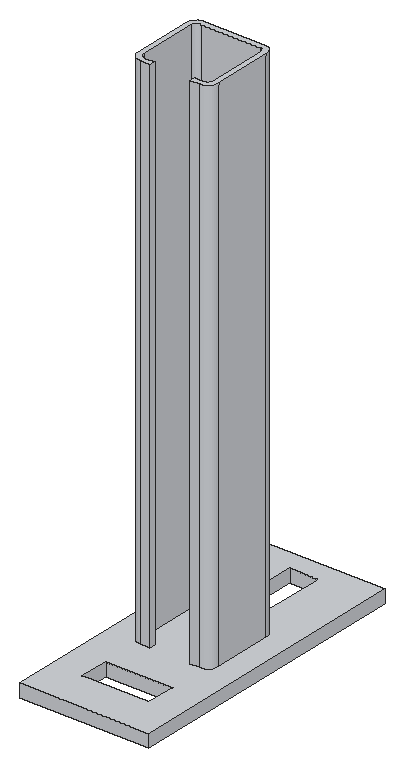
Revit family "HVAC_HangingSystems_Walraven_BIS_RapidRail_Cantilever_Arm_(BUP1000)_WM2", category Mechanical Equipment, Revit 2016
Family settings
  Part Type = Normal
  Round Connector Dimension = Use Diameter
  OmniClass Number = 23.60.30.11.17
  OmniClass Title = Pipework/Ductwork Mechanical Fasteners/Supports
  Work Plane-Based = Yes
  Always vertical = No
  Cut with Voids When Loaded = No
  Shared = No
  Room Calculation Point = No
Parameters (values of type "200mm")
  type_index = 1
  s2 [instance] = size_lookup(lookup_table_name, "s2", 0 mm, type_index)  # 2 mm
  s1 [instance] = size_lookup(lookup_table_name, "s1", 0 mm, type_index)  # 5 mm
  region_index = 1  # constant formula
  lookup_table_name = "BIS RapidRail Cantilever Arm (BUP1000) WM2"  # constant formula
  Youtube clip = ""
  Weight Net (Kg) = "0"
  Uniformat II Description = ""
  Uniformat II Code = ""
  Uniclass 2015 Name = ""
  Uniclass 2015 Code = ""
  Uniclass 2.0 Description = ""
  Uniclass 2.0 Code = ""
  Uniclass 1.4 Description = ""
  Uniclass 1.4 Code = ""
  UNSPSC Code = ""
  Technical description = "https://library.walraven.com/repository/rnd/documents/EN-UK/BIS%20RapidRail%C2%AE%20Cantilever%20Arm%20(BUP1000)%20-%20G%2010%2005%20(EN-UK).pdf"
  Region South America = "None"
  Region Oceania = "AU"
  Region North America = "US"
  Region Middle East = "AE, OM, QA, SA"
  Region Europe = "BE, CZ, DE, DK, ES, FR, GB, HR, HU, LT, LV, NL, NO, PL, RO, RU, SE, SK, UA"
  Region Asia = "CN, IN"
  Region Antarctica = "None"
  Region Africa = "ZA"
  RSen_C_level_of_development = "LOD400"  # constant formula
  QR code = "http://bimobject.com/walraven/product/bis-rapidrail-cantilever-arm-bup1000-wm2"
  Product url = "https://www.walraven.com/en/?pid=891"
  Product group = "Cantilever Arms and Sets"
  Product family = "Rail Systems"
  Product data url = "https://bimobject.com/walraven/product/bis-rapidrail-cantilever-arm-bup1000-wm2"
  Product certification = ""
  Product SKU = "bis-rapidrail-cantilever-arm-bup1000-wm2"
  Product Guid = "8b781bb7-c863-4edf-86f6-d141afa09032"
  OmniClass Description = "Mechanical Pipe Supports"
  OmniClass Code = "23-27 43 13"
  Nominal width = 0 mm
  Nominal height = 0 mm
  NBS Reference Description = ""
  NBS Reference Code = ""
  Material secondary = ""
  Material main = "Steel"
  Masterformat 2014 Description = ""
  Masterformat 2014 Code = ""
  Manufacturer name = "Walraven"
  Manufacturer country = "Netherlands"
  K [instance] = size_lookup(lookup_table_name, "K", 0 mm, type_index)  # 70 mm
  hd1 [instance] = size_lookup(lookup_table_name, "hd1", 0 mm, type_index)  # 11 mm
  S [instance] = size_lookup(lookup_table_name, "S", 0 mm, type_index)  # 15 mm
  bd1 [instance] = size_lookup(lookup_table_name, "bd1", 0 mm, type_index)  # 25 mm
  desc_uk [instance] = if(type_index = 1, "BIS RapidRail Cantilever Arm (BUP1000) WM2 (30x30mm) 200mm", if(type_index = 2, "BIS RapidRail Cantilever Arm (BUP1000) WM2 (30x30mm) 300mm", "0"))  # "BIS RapidRail Cantilever Arm (BUP1000) WM2 (30x30mm) 200mm"
  desc_nl [instance] = if(type_index = 1, "BIS RapidRail Wandconsole (BUP1000) WM2 (30x30mm) 200mm", if(type_index = 2, "BIS RapidRail Wandconsole (BUP1000) WM2 (30x30mm) 300mm", "0"))  # "BIS RapidRail Wandconsole (BUP1000) WM2 (30x30mm) 200mm"
  URL = "https://www.walraven.com/en/?pid=891"
  Strut length [instance] = L - s1  # 195 mm
  RSen_S_net_weight = size_lookup(lookup_table_name, "weight", 0, type_index) * 1.00 kg  # 0.46 kg
  RSen_C_product_description [instance] = if(region_index = 1, desc_uk, if(region_index = 2, desc_nl, "0"))  # "BIS RapidRail Cantilever Arm (BUP1000) WM2 (30x30mm) 200mm"
  RSen_C_material_colour = "grey"  # constant formula
  RSen_C_material_finish = "BIS UltraProtect® 1000"  # constant formula
  RSen_C_material = steel
  RSen_C_length [instance] = L  # 200 mm
  RSen_C_height [instance] = H  # 110 mm
  RSen_C_content_releasedate = "22-02-2018"  # constant formula
  RSen_C_content_modification_date = "26-06-2018"  # constant formula
  RSen_C_content_creator = "Itannex bv"  # constant formula
  RSen_C_code_gtin [instance] = ""
  RSen_C_code_manufacturer_product [instance] = size_lookup(lookup_table_name, "", "0", type_index)  # "6603220"
  RSen_C_code_manufacturer_gln = ""
  NLRS_C_code_SfB_tabel1 = "50"  # constant formula
  RSen_C_code_ETIM_url = "https://prod.etim-international.com/Class/Details?classId=EC010933&classVersion=4"
  RSen_C_code_ETIM = "EC010933"  # constant formula
  RSen_C_intended_use = "hanging systems"  # constant formula
  RSen_C_certificates = "N/A"  # constant formula
  RSen_C_width [instance] = B  # 48 mm
  Model = "BIS RapidRail Cantilever Arm (BUP1000) WM2"  # constant formula
  Manufacturer = "Walraven"  # constant formula
  L [instance] = size_lookup(lookup_table_name, "L", 0 mm, type_index)  # 200 mm
  IsCustom [instance] = 0 = 1  # no
  Installation instructions = ""
  IfcExportType = "USERDEFINED"  # constant formula
  IfcExportAs = "IfcMechanicalFastenerType"  # constant formula
  IfcDescription = Description  # "cantilever arm"
  IFC Classification = "Mechanical Fastener"
  H1 [instance] = size_lookup(lookup_table_name, "H1", 0 mm, type_index)  # 30 mm
  H [instance] = size_lookup(lookup_table_name, "H", 0 mm, type_index)  # 110 mm
  GTIN code = ""
  Edition number = 0
  Design country = "Netherlands"
  Description = "cantilever arm"  # constant formula
  Default Elevation = 1219.2 mm
  Date of publishing = "7/20/2018"
  COBIe Type Category = ""
  Brand url = "https://www.walraven.com"
  BIMobject main category code = "hvac"
  BIMobject main category = "HVAC"
  BIMobject category code = "hvac-hanging-systems"
  BIMobject category = "Hanging Systems"
  B1 [instance] = size_lookup(lookup_table_name, "B1", 0 mm, type_index)  # 30 mm
  B [instance] = size_lookup(lookup_table_name, "B", 0 mm, type_index)  # 48 mm
  Assembly Code = ""
Types (2, lengths in mm): name | type_index | desc_uk | desc_nl | Strut length | RSen_S_net_weight | RSen_C_product_description | RSen_C_length | RSen_C_code_manufacturer_product | L
  200mm | 1 | "BIS RapidRail Cantilever Arm (BUP1000) WM2 (30x30mm) 200mm" | "BIS RapidRail Wandconsole (BUP1000) WM2 (30x30mm) 200mm" | 195 | 0.46 kg | "BIS RapidRail Cantilever Arm (BUP1000) WM2 (30x30mm) 200mm" | 200 | "6603220" | 200
  300mm | 2 | "BIS RapidRail Cantilever Arm (BUP1000) WM2 (30x30mm) 300mm" | "BIS RapidRail Wandconsole (BUP1000) WM2 (30x30mm) 300mm" | 295 | 0.56 kg | "BIS RapidRail Cantilever Arm (BUP1000) WM2 (30x30mm) 300mm" | 300 | "6603230" | 300
Reference planes
  plane 1 "Center (Front/Back)": y = 0
  plane 2: z = 0
  plane 3 "Center (Left/Right)": x = 0
Forms (mm)
  Sweep 1, solid
    path origin (0, 0, 0) x (1, 0, 0) y (0, 0, 1)
      loop
        line (0, 0) -> (0, 5)
    profile "Console profile : Var." origin (0, 0, 2.5) x (-1, 0, 0) y (0, -1, 0)
      loop
        line (-5.5, -22.5) -> (-5.5, -35) -> (-5.5, -47.5) -> (5.5, -47.5) -> (5.5, -22.5) -> (-5.5, -22.5)
      loop
        line (-12.5, 40.5) -> (-12.5, 29.5) -> (12.5, 29.5) -> (12.5, 35) -> (12.5, 40.5) -> (-12.5, 40.5)
      loop
        line (-24, 55) -> (-24, -55) -> (24, -55) -> (24, 55) -> (-24, 55)
  Sweep 2, solid
    path origin (0, 0, 0) x (1, 0, 0) y (0, 0, 1)
      loop
        line (0, 5) -> (0, 200)
    profile "WM2 profile : Var." origin (0, 0, 102.5) x (-1, 0, 0) y (0, -1, 0)
      loop
        arc (-15, -11) -> (-13.828, -13.828) -> (-11, -15) r 4
        line (-11, -15) -> (11, -15)
        arc (11, -15) -> (13.828, -13.828) -> (15, -11) r 4
        line (15, -11) -> (15, 11)
        arc (15, 11) -> (13.828, 13.828) -> (11, 15) r 4
        line (11, 15) -> (7.5, 15) -> (7.5, 13) -> (11, 13)
        arc (11, 13) -> (12.414, 12.414) -> (13, 11) r 2
        line (13, 11) -> (13, -11)
        arc (13, -11) -> (12.414, -12.414) -> (11, -13) r 2
        line (11, -13) -> (-11, -13)
        arc (-11, -13) -> (-12.414, -12.414) -> (-13, -11) r 2
        line (-13, -11) -> (-13, 11)
        arc (-13, 11) -> (-12.414, 12.414) -> (-11, 13) r 2
        line (-11, 13) -> (-7.5, 13) -> (-7.5, 15) -> (-11, 15)
        arc (-11, 15) -> (-13.828, 13.828) -> (-15, 11) r 4
        line (-15, 11) -> (-15, -11)
Dimensions and locks
  "RSen_C_length": Sweep 2 sketch curve to level
  "s1": Sweep 1 sketch curve to level
  aligned and locked: level to plane 2
Automatic sketch dimensions
  Sweep 1 sketch curve to plane 3 "Center (Left/Right)" = 0 mm
  Sweep 1 sketch curve to level = 0 mm
  Sweep 2 sketch curve to plane 3 "Center (Left/Right)" = 0 mm
  level to Sweep 2 sketch curve = 5 mm
